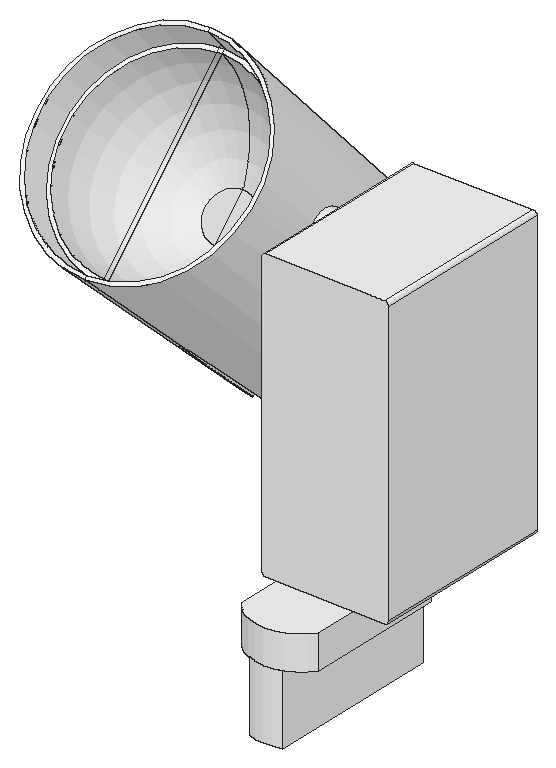
Revit family "0004933 Feilo Sylvania Lighting Fixture START TRACK SPOT S DALI 2141LM 940 MB WHT", category Lighting Fixtures, host Face, Revit 2017
Family settings
  Host = Face
  Round Connector Dimension = Use Diameter
  Part Type = Normal
  OmniClass Number = 23.80.70.00
  OmniClass Title = Lighting
  Cut with Voids When Loaded = No
  Light Source = No
  Shared = No
  Room Calculation Point = No
Parameters (values of type "0004933 START TRACK SPOT S DALI 2141LM 940 MB WHT")
  Weight = "0.966 kg"
  Wattage Comments = ""
  WarrantyStartDate [instance] = "n/a"
  WarrantyGuarantorParts = "n/a"
  WarrantyDurationUnit = "n/a"
  WarrantyDurationParts = "n/a"
  WarrantyDescription = "n/a"
  Voltage = 230 V
  URL = "http://www.sylvania-lighting.com/"
  TypeName = "START TRACK SPOT S DALI 2141LM 940 MB WHT"
  TypeHead_FEILO = Start Track Spot Head : 0004875 START TRACK SPOT S 24W 4K RA90 MB WHITE
  TypeBox_FEILO = Start Track Spot Box : Type Small White
  Type Image = <None>
  Type Comments = "n/a"
  VerticalRotation_FEILO [instance] = 0.00°
  SlideEndAngle_FEILO [instance] = VerticalRotation_FEILO + 180.00°  # 180.00°
  SerialNumber [instance] = "n/a"
  Material_3_FEILO = none
  PowerFactor = 0.95
  PowerConsumption = "24 W"
  NominalLength = 0 mm
  NominalHeight = 200 mm
  NominalDepth = 140 mm
  Name = "START TRACK SPOT S DALI 2141LM 940 MB WHT"
  ModelReference = Name  # "START TRACK SPOT S DALI 2141LM 940 MB WHT"
  ModelNumber = "0004933"
  Model = Name  # "START TRACK SPOT S DALI 2141LM 940 MB WHT"
  Material = "adc12 aluminium housing, polycarbonate diffuser"
  ManufacturerName = "Feilo Sylvania"
  Manufacturer = "Feilo Sylvania"
  LuminousEfficacy = "89 lm/W"
  LuminaireType = ""
  LightOutputRatio = "100"
  LampsType = Lamp  # "LED"
  LampNominalLuminous = "2141 lm"
  LampMacAdamStep = "3"
  LampColourTemperature = "4000 K"
  LampColourRenderingIndex = "90"
  Lamp = "LED"
  Keynote = "16500"
  InstallationDate [instance] = "n/a"
  InputVoltage = "230-240V~"
  InputNominalFrequency = "50/60 Hz"
  IngressProtection = "IP20"
  ImpactProtectionIndex = "IK02"
  IfcExportType = "IfcLightFixtureType"
  IfcExportAs = "IfcLightFixtureType"
  HorizontalRotation_FEILO [instance] = 45.00°
  ExpectedLife = 50000
  ElectricShockClassification = "Class II"
  DurationUnit = "hours"
  DocumentationLiterature = "http://www.sylvania-lighting.com/product/en-int/products/0004875"
  DimmingControlOptions = "Dimmable"
  Material_2_FEILO = none
  Description = "Integrated LED spotlight, Textured White - RAL9016, compact and minimalist design, ideal for retail applications, die-cast aluminium body, passive cooling heatsink. Beam angle: 36°, color temperature: 4000K , total system power: 24W, total fixture output: 2141 lm, LOR: 100%, colour rendering: Ra: 90 typical, LED Chromaticity: 3 step MacAdam ellipse, lifetime: >50000 hours at L70B50, energy class: A++, A+, A, IR/UV free light source without heat radiation, operating voltage: 220-240V / 50-60Hz, drive current: 600mA, electronic driver, non-dimmable, power factor: 0.95, electrical protection: Class II, Global Track 3 Phase adapter suitable for Global trac 3-circuit tracks, ingress protection rating: IP20, suitable for internal environment only, horizontal rotation: 355°, vertical tilt: 90°, dimensions: Ø86x140x200, weight: 0.966kg."
  Default Elevation = 1219.2 mm
  CreatedOn = "04/26/2018"
  CreatedBy = ""
  Cost = 0
  built-in parameter 1114216 [instance] = (empty or 0)
  ClassificationValue = "EF_70_80"
  ClassificationName = "Uniclass2015"
  Material_1_FEILO = Body-Sylvania-StartTrackSpot-White
  BarCode [instance] = "n/a"
  AssetType = "Fixed"
  AssetIdentifier [instance] = "n/a"
  Assembly Code = "D5020200"
  Apparent Load = 24 VA
  Material_4_FEILO = none
Reference planes
  plane 1 "Center (Front/Back)": y = 0
  plane 2: z = 0
  plane 3 "Center (Left/Right)": x = 0
  plane 4: x = 15
  plane 5: x = -15
  plane 6: y = 35
  plane 7: y = -35
  plane 8: z = 13
  plane 9: z = -27
  plane 10: x = 6.5
  plane 11: x = -6.5
  plane 12: y = 27
  plane 13: y = -27
  plane 14: y = 20
Forms (mm)
  Extrusion 1, solid, material "Body-Sylvania-StartTrackSpot-White" <- "Material_1_FEILO"
    sketch origin (0, 0, 0) x (1, 0, 0) y (0, 1, 0)
      loop
        line (-15, 27) -> (-15, -27)
        arc (-15, -27) -> (0, -35) -> (15, -27) r 18.062
        line (15, -27) -> (15, 27)
        arc (15, 27) -> (0, 35) -> (-15, 27) r 18.062
    from 0 to 13
  Extrusion 2, solid, material "Body-Sylvania-StartTrackSpot-White" <- "Material_1_FEILO"
    sketch origin (0, 0, 0) x (1, 0, 0) y (0, 1, 0)
      loop
        arc (6.5, 33.79) -> (0, 35) -> (-6.5, 33.79) r 18.062
        line (-6.5, 33.79) -> (-6.5, -33.79)
        arc (-6.5, -33.79) -> (0, -35) -> (6.5, -33.79) r 18.062
        line (6.5, -33.79) -> (6.5, 33.79)
    from 0 to -27
  Revolve 3, solid, not visible
    sketch origin (1524, 20, 1219.2) x (1, 0, 0) y (0, 0, 1)
      loop
        line (-1524, -1206.2) -> (-1524, -1191.285) -> (-1530.5, -1191.285) -> (-1530.5, -1206.2) -> (-1524, -1206.2)
      axis (-1524, -1191.285) -> (-1524, -1206.2)
    angle from 0 <- "VerticalRotation_FEILO" to 180 <- "SlideEndAngle_FEILO"
Cuts and joins
  joined: Extrusion 1, Extrusion 2
Dimensions and locks
  equal spacing: plane 10, plane 3 "Center (Left/Right)", plane 11
  equal spacing: plane 4, plane 3 "Center (Left/Right)", plane 5
  locked: plane 8 to plane 2 at 13
  locked: plane 8 to plane 9 at 40
  equal spacing: plane 13, plane 1 "Center (Front/Back)", plane 12
  locked: plane 12 to plane 6 at 8
  locked: plane 14 to plane 6 at 15
  locked: Revolve 3 sketch curve to plane 8 at 14.915
  aligned and locked: plane 2 to host face
  aligned and locked: level to host face
  aligned and locked: plane 5 to Extrusion 1 sketch curve  (x2)
  aligned and locked: plane 12 to Extrusion 1 sketch curve
  aligned and locked: plane 13 to Extrusion 1 sketch curve
  aligned and locked: plane 4 to Extrusion 1 sketch curve
  aligned and locked: Extrusion 1 to plane 8
  aligned and locked: Extrusion 1 to level
  aligned and locked: Extrusion 2 sketch curve to Extrusion 1  (x2)
  aligned and locked: Extrusion 2 sketch curve to plane 11
  aligned and locked: plane 10 to Extrusion 2 sketch curve
  aligned and locked: plane 9 to Extrusion 2
  aligned and locked: level to Extrusion 2
  aligned and locked: Revolve 3 sketch curve to plane 3 "Center (Left/Right)"  (x2)
  aligned and locked: plane 11 to Revolve 3 sketch curve
  aligned and locked: Revolve 3 sketch curve to plane 8
Automatic sketch dimensions
  host sketch curve to host sketch curve = 2438.4 mm  (x2)
  Extrusion 1 sketch curve to plane 3 "Center (Left/Right)" = 0 mm  (x2)
  Extrusion 1 sketch curve to plane 13 = 10.062 mm
  plane 12 to Extrusion 1 sketch curve = 10.062 mm
  Revolve 3 sketch curve to plane 3 "Center (Left/Right)" = 0 mm
  plane 9 to Revolve 3 sketch curve = 582.6 mm
  Revolve 3 sketch curve to Revolve 3 sketch curve = 2581.144 mm
Nested families
  nested 1: "Start Track Spot Head" at (-62, 20, 112.529) x (0, 0.7071, 0.7071) z (0, 0.7071, -0.7071), type <- "TypeHead_FEILO", type "0004875 START TRACK SPOT S 24W 4K RA90 MB WHITE"
    with built-in parameter 1114216 (empty or 0)
  nested 2: "Start Track Spot Box" at (8.5, 20, 73) x (-1, 0, 0) z (0, -1, 0), BoxStartAngle_FEILO <- "HorizontalRotation_FEILO", type <- "TypeBox_FEILO", type "Type Small White"
    with BoxStartAngle_FEILO 45.00°, BoxEndAngle_FEILO -135.00°
Connectors
  electrical at (0, 0, 0), driven by "Apparent Load", driven by "PowerFactor", driven by "Voltage"
    settings: index 1, voltage 230 V, apparent load 24 VA, apparent load phase1 0 VA, apparent load phase2 0 VA, apparent load phase3 0 VA, power factor 0.95, load classification "Lighting", number of poles 1, system type 30, power factor state 1, is connector primary yes, connector utility no, sub classification motor no, connector description ""
Definition of nested family "Start Track Spot Head"
  Parameters (values of type "0004811 START TRACK SPOT S 14W 3K RA80 NB WHITE")
    Wattage Comments = "n/a"
    Wattage = 14 W
    built-in parameter 1150110 = 1 (stored number, unit not read)
    URL = "http://www.feilosylvania.com"
    Type Image = (empty or 0)
    Type Comments = "n/a"
    built-in parameter 1114217 = 1 (stored number, unit not read)
    Tilt Angle = -90.00°
    built-in parameter 1150109 = 1 (stored number, unit not read)
    built-in parameter 1150134 = (empty or 0)
    built-in parameter 1150113 = 1 (stored number, unit not read)
    Photometric Web File = "0004811.ies"
    Material_3_FEILO = none
    Model = "START TRACK SPOT S 14W 3K RA80 NB WHITE"
    Manufacturer = "Feilo Sylvania"
    built-in parameter 1150105 = 123.66 (stored number, unit not read)
    Lumens = 1554 lm
    built-in parameter 1150115 = 1 (stored number, unit not read)
    built-in parameter 1150137 = (empty or 0)
    built-in parameter 1150139 = (empty or 0)
    built-in parameter 1150112 = 1 (stored number, unit not read)
    built-in parameter 1150114 = 1 (stored number, unit not read)
    Lamp = "LED"
    Keynote = "16500"
    Material_2_FEILO = none
    built-in parameter 1150132 = (empty or 0)
    built-in parameter 1150102 = (empty or 0)
    built-in parameter 1150107 = 3000 (stored number, unit not read)
    built-in parameter 1150138 = (empty or 0)
    built-in parameter 1150106 = 1.2366 (stored number, unit not read)
    HeadThickness_FEILO = if(HeadDiaOut_FEILO > 112 mm, 2 mm, 1.5 mm)  # 1.5 mm
    HeadRibOffset_FEILO = HeadHeight_FEILO / 28  # 4.179 mm
    HeadRibDepth_FEILO = HeadHeight_FEILO / 2.1  # 55.714 mm
    HeadRibCutWidth_FEILO = HeadDiaOut_FEILO / 12  # 7.167 mm
    HeadRibCutOffset_FEILO = HeadHeight_FEILO / 2.3  # 50.87 mm
    HeadReflectorRadius_FEILO = HeadDiaOut_FEILO / 1.7  # 50.588 mm
    HeadReflectorOffset_FEILO = HeadHeight_FEILO / 2.1  # 55.714 mm
    HeadLEDRadius_FEILO = HeadDiaOut_FEILO / 9  # 9.556 mm
    HeadHeight_FEILO = 117 mm
    HeadDraft_FEILO = 1 mm
    HeadDiffusorThickness_FEILO = 3 mm
    HeadDiffusorOffset_FEILO = HeadHeight_FEILO / 12.4  # 9.435 mm
    HeadDiaOut_FEILO = 86 mm
    HeadDiaIn_FEILO = HeadDiaOut_FEILO / 1.11  # 77.477 mm
    HeadAxisFromTop_FEILO = HeadHeight_FEILO / 1.687  # 69.354 mm
    Emit from Circle Diameter = HeadDiaIn_FEILO  # 77.477 mm
    Emit Shape Visible in Rendering = no
    built-in parameter 1150104 = 10.312 (stored number, unit not read)
    Dimming Lamp Color Temperature Shift = (empty or 0)
    Description = "Integrated LED spotlight, Textured White - RAL9016, compact and minimalist design, ideal for retail applications, die-cast aluminium body, passive cooling heatsink. Beam angle: 12°, color temperature: 3000K , total system power: 14W, total fixture output: 1551 lm, LOR: 100%, colour rendering: Ra: 80 typical, LED Chromaticity: 3 step MacAdam ellipse, lifetime: >50000 hours at L70B50, energy class: A++, A+, A, IR/UV free light source without heat radiation, operating voltage: 220-240V / 50-60Hz, drive current: 350mA, electronic driver, non-dimmable, power factor: 0.92, electrical protection: Class II, Global Track 3 Phase adapter suitable for Global trac 3-circuit tracks, ingress protection rating: IP20, suitable for internal environment only, horizontal rotation: 355°, vertical tilt: 90°, dimensions: Ø86x140x200, weight: 0.940kg."
    Default Elevation = 1219.2 mm
    Cost = 0
    Color Filter = 16777215
    built-in parameter 1114216 [instance] = (empty or 0)
    Material_1_FEILO = none
    built-in parameter 1114218 = 1 (stored number, unit not read)
    built-in parameter 1150133 = 10 (stored number, unit not read)
    Assembly Code = "D5020200"
    Apparent Load = 14 VA
    Material_4_FEILO = none
  Types (96, lengths in mm): name | Wattage | built-in parameter 1150134 | Photometric Web File | Model | built-in parameter 1150105 | Lumens | built-in parameter 1150107 | built-in parameter 1150106 | HeadThickness_FEILO | HeadRibOffset_FEILO | HeadRibDepth_FEILO | HeadRibCutWidth_FEILO | HeadRibCutOffset_FEILO | HeadReflectorRadius_FEILO | HeadReflectorOffset_FEILO | HeadLEDRadius_FEILO | HeadHeight_FEILO | HeadDiffusorOffset_FEILO | HeadDiaOut_FEILO | HeadDiaIn_FEILO | HeadAxisFromTop_FEILO | Emit from Circle Diameter | built-in parameter 1150104 | Description | Apparent Load
    0004906 START TRACK SPOT L 55W 4K RA90 WB BLACK | 55 W | 12 | "0004906.ies" | "START TRACK SPOT L 55W 4K RA90 WB BLACK" | 385.15 (stored number, unit not read) | 4840 lm | 4000 (stored number, unit not read) | 3.8515 (stored number, unit not read) | 2 | 4.429 | 59.048 | 9.417 | 53.913 | 66.471 | 59.048 | 12.556 | 124 | 10 | 113 | 101.802 | 73.503 | 101.802 | 8.1755 (stored number, unit not read) | "Integrated LED spotlight, Textured Black - RAL9005, compact and minimalist design, ideal for retail applications, die-cast aluminium body, passive cooling heatsink. Beam angle: 52°, color temperature: 4000K , total system power: 55W, total fixture output: 4824 lm, LOR: 100%, colour rendering: Ra: 90 typical, LED Chromaticity: 3 step MacAdam ellipse, lifetime: >50000 hours at L70B50, energy class: A++, A+, A, IR/UV free light source without heat radiation, operating voltage: 220-240V / 50-60Hz, drive current: 1400mA, electronic driver, non-dimmable, power factor: 0.96, electrical protection: Class II, Global Track 3 Phase adapter suitable for Global trac 3-circuit tracks, ingress protection rating: IP20, suitable for internal environment only, horizontal rotation: 355°, vertical tilt: 90°, dimensions: Ø113x164x240, weight: 1.398kg." | 55 VA
    0004905 START TRACK SPOT L 55W 4K RA90 MB BLACK | 55 W | 12 | "0004905.ies" | "START TRACK SPOT L 55W 4K RA90 MB BLACK" | 389.53 (stored number, unit not read) | 4895 lm | 4000 (stored number, unit not read) | 3.8953 (stored number, unit not read) | 2 | 4.429 | 59.048 | 9.417 | 53.913 | 66.471 | 59.048 | 12.556 | 124 | 10 | 113 | 101.802 | 73.503 | 101.802 | 8.2684 (stored number, unit not read) | "Integrated LED spotlight, Textured Black - RAL9005, compact and minimalist design, ideal for retail applications, die-cast aluminium body, passive cooling heatsink. Beam angle: 38°, color temperature: 4000K , total system power: 55W, total fixture output: 4897 lm, LOR: 100%, colour rendering: Ra: 90 typical, LED Chromaticity: 3 step MacAdam ellipse, lifetime: >50000 hours at L70B50, energy class: A++, A+, A, IR/UV free light source without heat radiation, operating voltage: 220-240V / 50-60Hz, drive current: 1400mA, electronic driver, non-dimmable, power factor: 0.96, electrical protection: Class II, Global Track 3 Phase adapter suitable for Global trac 3-circuit tracks, ingress protection rating: IP20, suitable for internal environment only, horizontal rotation: 355°, vertical tilt: 90°, dimensions: Ø113x164x240, weight: 1.398kg." | 55 VA
    0004904 START TRACK SPOT L 55W 4K RA90 NB BLACK | 55 W | 12 | "0004904.ies" | "START TRACK SPOT L 55W 4K RA90 NB BLACK" | 393.91 (stored number, unit not read) | 4950 lm | 4000 (stored number, unit not read) | 3.9391 (stored number, unit not read) | 2 | 4.429 | 59.048 | 9.417 | 53.913 | 66.471 | 59.048 | 12.556 | 124 | 10 | 113 | 101.802 | 73.503 | 101.802 | 8.3613 (stored number, unit not read) | "Integrated LED spotlight, Textured Black - RAL9005, compact and minimalist design, ideal for retail applications, die-cast aluminium body, passive cooling heatsink. Beam angle: 15°, color temperature: 4000K , total system power: 55W, total fixture output: 4965 lm, LOR: 100%, colour rendering: Ra: 90 typical, LED Chromaticity: 3 step MacAdam ellipse, lifetime: >50000 hours at L70B50, energy class: A++, A+, A, IR/UV free light source without heat radiation, operating voltage: 220-240V / 50-60Hz, drive current: 1400mA, electronic driver, non-dimmable, power factor: 0.96, electrical protection: Class II, Global Track 3 Phase adapter suitable for Global trac 3-circuit tracks, ingress protection rating: IP20, suitable for internal environment only, horizontal rotation: 355°, vertical tilt: 90°, dimensions: Ø113x164x240, weight: 1.398kg." | 55 VA
    0004903 START TRACK SPOT L 35W 4K RA90 WB BLACK | 35 W | 12 | "0004903.ies" | "START TRACK SPOT L 35W 4K RA90 WB BLACK" | 284.09 (stored number, unit not read) | 3570 lm | 4000 (stored number, unit not read) | 2.8409 (stored number, unit not read) | 2 | 4.429 | 59.048 | 9.417 | 53.913 | 66.471 | 59.048 | 12.556 | 124 | 10 | 113 | 101.802 | 73.503 | 101.802 | 9.4761 (stored number, unit not read) | "Integrated LED spotlight, Textured Black - RAL9005, compact and minimalist design, ideal for retail applications, die-cast aluminium body, passive cooling heatsink. Beam angle: 52°, color temperature: 4000K , total system power: 35W, total fixture output: 3562 lm, LOR: 100%, colour rendering: Ra: 90 typical, LED Chromaticity: 3 step MacAdam ellipse, lifetime: >50000 hours at L70B50, energy class: A++, A+, A, IR/UV free light source without heat radiation, operating voltage: 220-240V / 50-60Hz, drive current: 900mA, electronic driver, non-dimmable, power factor: 0.93, electrical protection: Class II, Global Track 3 Phase adapter suitable for Global trac 3-circuit tracks, ingress protection rating: IP20, suitable for internal environment only, horizontal rotation: 355°, vertical tilt: 90°, dimensions: Ø113x164x240, weight: 1.368kg." | 35 VA
    0004902 START TRACK SPOT L 35W 4K RA90 MB BLACK | 35 W | 12 | "0004902.ies" | "START TRACK SPOT L 35W 4K RA90 MB BLACK" | 286.88 (stored number, unit not read) | 3605 lm | 4000 (stored number, unit not read) | 2.8688 (stored number, unit not read) | 2 | 4.429 | 59.048 | 9.417 | 53.913 | 66.471 | 59.048 | 12.556 | 124 | 10 | 113 | 101.802 | 73.503 | 101.802 | 9.569 (stored number, unit not read) | "Integrated LED spotlight, Textured Black - RAL9005, compact and minimalist design, ideal for retail applications, die-cast aluminium body, passive cooling heatsink. Beam angle: 38°, color temperature: 4000K , total system power: 35W, total fixture output: 3616 lm, LOR: 100%, colour rendering: Ra: 90 typical, LED Chromaticity: 3 step MacAdam ellipse, lifetime: >50000 hours at L70B50, energy class: A++, A+, A, IR/UV free light source without heat radiation, operating voltage: 220-240V / 50-60Hz, drive current: 900mA, electronic driver, non-dimmable, power factor: 0.93, electrical protection: Class II, Global Track 3 Phase adapter suitable for Global trac 3-circuit tracks, ingress protection rating: IP20, suitable for internal environment only, horizontal rotation: 355°, vertical tilt: 90°, dimensions: Ø113x164x240, weight: 1.368kg." | 35 VA
    0004901 START TRACK SPOT L 35W 4K RA90 NB BLACK | 35 W | 12 | "0004901.ies" | "START TRACK SPOT L 35W 4K RA90 NB BLACK" | 286.88 (stored number, unit not read) | 3605 lm | 4000 (stored number, unit not read) | 2.8688 (stored number, unit not read) | 2 | 4.429 | 59.048 | 9.417 | 53.913 | 66.471 | 59.048 | 12.556 | 124 | 10 | 113 | 101.802 | 73.503 | 101.802 | 9.569 (stored number, unit not read) | "Integrated LED spotlight, Textured Black - RAL9005, compact and minimalist design, ideal for retail applications, die-cast aluminium body, passive cooling heatsink. Beam angle: 15°, color temperature: 4000K , total system power: 35W, total fixture output: 3593 lm, LOR: 100%, colour rendering: Ra: 90 typical, LED Chromaticity: 3 step MacAdam ellipse, lifetime: >50000 hours at L70B50, energy class: A++, A+, A, IR/UV free light source without heat radiation, operating voltage: 220-240V / 50-60Hz, drive current: 900mA, electronic driver, non-dimmable, power factor: 0.93, electrical protection: Class II, Global Track 3 Phase adapter suitable for Global trac 3-circuit tracks, ingress protection rating: IP20, suitable for internal environment only, horizontal rotation: 355°, vertical tilt: 90°, dimensions: Ø113x164x240, weight: 1.368kg." | 35 VA
    0004900 START TRACK SPOT S 24W 4K RA90 WB BLACK | 24 W | 12 | "0004900.ies" | "START TRACK SPOT S 24W 4K RA90 WB BLACK" | 166.16 (stored number, unit not read) | 2088 lm | 4000 (stored number, unit not read) | 1.6616 (stored number, unit not read) | 1.5 | 4.179 | 55.714 | 7.167 | 50.87 | 50.588 | 55.714 | 9.556 | 117 | 9.435 | 86 | 77.477 | 69.354 | 77.477 | 8.0826 (stored number, unit not read) | "Integrated LED spotlight, Textured Black - RAL9005, compact and minimalist design, ideal for retail applications, die-cast aluminium body, passive cooling heatsink. Beam angle: 64°, color temperature: 4000K , total system power: 24W, total fixture output: 2087 lm, LOR: 100%, colour rendering: Ra: 90 typical, LED Chromaticity: 3 step MacAdam ellipse, lifetime: >50000 hours at L70B50, energy class: A++, A+, A, IR/UV free light source without heat radiation, operating voltage: 220-240V / 50-60Hz, drive current: 600mA, electronic driver, non-dimmable, power factor: 0.95, electrical protection: Class II, Global Track 3 Phase adapter suitable for Global trac 3-circuit tracks, ingress protection rating: IP20, suitable for internal environment only, horizontal rotation: 355°, vertical tilt: 90°, dimensions: Ø86x140x200, weight: 0.966kg." | 24 VA
    0004899 START TRACK SPOT S 24W 4K RA90 MB BLACK | 24 W | 12 | "0004899.ies" | "START TRACK SPOT S 24W 4K RA90 MB BLACK" | 169.98 (stored number, unit not read) | 2136 lm | 4000 (stored number, unit not read) | 1.6998 (stored number, unit not read) | 1.5 | 4.179 | 55.714 | 7.167 | 50.87 | 50.588 | 55.714 | 9.556 | 117 | 9.435 | 86 | 77.477 | 69.354 | 77.477 | 8.2684 (stored number, unit not read) | "Integrated LED spotlight, Textured Black - RAL9005, compact and minimalist design, ideal for retail applications, die-cast aluminium body, passive cooling heatsink. Beam angle: 36°, color temperature: 4000K , total system power: 24W, total fixture output: 2141 lm, LOR: 100%, colour rendering: Ra: 90 typical, LED Chromaticity: 3 step MacAdam ellipse, lifetime: >50000 hours at L70B50, energy class: A++, A+, A, IR/UV free light source without heat radiation, operating voltage: 220-240V / 50-60Hz, drive current: 600mA, electronic driver, non-dimmable, power factor: 0.95, electrical protection: Class II, Global Track 3 Phase adapter suitable for Global trac 3-circuit tracks, ingress protection rating: IP20, suitable for internal environment only, horizontal rotation: 355°, vertical tilt: 90°, dimensions: Ø86x140x200, weight: 0.966kg." | 24 VA
    0004898 START TRACK SPOT S 24W 4K RA90 NB BLACK | 24 W | 12 | "0004898.ies" | "START TRACK SPOT S 24W 4K RA90 NB BLACK" | 171.89 (stored number, unit not read) | 2160 lm | 4000 (stored number, unit not read) | 1.7189 (stored number, unit not read) | 1.5 | 4.179 | 55.714 | 7.167 | 50.87 | 50.588 | 55.714 | 9.556 | 117 | 9.435 | 86 | 77.477 | 69.354 | 77.477 | 8.3613 (stored number, unit not read) | "Integrated LED spotlight, Textured Black - RAL9005, compact and minimalist design, ideal for retail applications, die-cast aluminium body, passive cooling heatsink. Beam angle: 12°, color temperature: 4000K , total system power: 24W, total fixture output: 2155 lm, LOR: 100%, colour rendering: Ra: 90 typical, LED Chromaticity: 3 step MacAdam ellipse, lifetime: >50000 hours at L70B50, energy class: A++, A+, A, IR/UV free light source without heat radiation, operating voltage: 220-240V / 50-60Hz, drive current: 600mA, electronic driver, non-dimmable, power factor: 0.95, electrical protection: Class II, Global Track 3 Phase adapter suitable for Global trac 3-circuit tracks, ingress protection rating: IP20, suitable for internal environment only, horizontal rotation: 355°, vertical tilt: 90°, dimensions: Ø86x140x200, weight: 0.966kg." | 24 VA
    0004897 START TRACK SPOT S 14W 4K RA90 WB BLACK | 14 W | 12 | "0004897.ies" | "START TRACK SPOT S 14W 4K RA90 WB BLACK" | 108.07 (stored number, unit not read) | 1358 lm | 4000 (stored number, unit not read) | 1.0807 (stored number, unit not read) | 1.5 | 4.179 | 55.714 | 7.167 | 50.87 | 50.588 | 55.714 | 9.556 | 117 | 9.435 | 86 | 77.477 | 69.354 | 77.477 | 9.0116 (stored number, unit not read) | "Integrated LED spotlight, Textured Black - RAL9005, compact and minimalist design, ideal for retail applications, die-cast aluminium body, passive cooling heatsink. Beam angle: 64°, color temperature: 4000K , total system power: 14W, total fixture output: 1352 lm, LOR: 100%, colour rendering: Ra: 90 typical, LED Chromaticity: 3 step MacAdam ellipse, lifetime: >50000 hours at L70B50, energy class: A++, A+, A, IR/UV free light source without heat radiation, operating voltage: 220-240V / 50-60Hz, drive current: 350mA, electronic driver, non-dimmable, power factor: 0.92, electrical protection: Class II, Global Track 3 Phase adapter suitable for Global trac 3-circuit tracks, ingress protection rating: IP20, suitable for internal environment only, horizontal rotation: 355°, vertical tilt: 90°, dimensions: Ø86x140x200, weight: 0.940kg." | 14 VA
    0004896 START TRACK SPOT S 14W 4K RA90 MB BLACK | 14 W | 12 | "0004896.ies" | "START TRACK SPOT S 14W 4K RA90 MB BLACK" | 108.07 (stored number, unit not read) | 1358 lm | 4000 (stored number, unit not read) | 1.0807 (stored number, unit not read) | 1.5 | 4.179 | 55.714 | 7.167 | 50.87 | 50.588 | 55.714 | 9.556 | 117 | 9.435 | 86 | 77.477 | 69.354 | 77.477 | 9.0116 (stored number, unit not read) | "Integrated LED spotlight, Textured Black - RAL9005, compact and minimalist design, ideal for retail applications, die-cast aluminium body, passive cooling heatsink. Beam angle: 36°, color temperature: 4000K , total system power: 14W, total fixture output: 1359 lm, LOR: 100%, colour rendering: Ra: 90 typical, LED Chromaticity: 3 step MacAdam ellipse, lifetime: >50000 hours at L70B50, energy class: A++, A+, A, IR/UV free light source without heat radiation, operating voltage: 220-240V / 50-60Hz, drive current: 350mA, electronic driver, non-dimmable, power factor: 0.92, electrical protection: Class II, Global Track 3 Phase adapter suitable for Global trac 3-circuit tracks, ingress protection rating: IP20, suitable for internal environment only, horizontal rotation: 355°, vertical tilt: 90°, dimensions: Ø86x140x200, weight: 0.940kg." | 14 VA
    0004895 START TRACK SPOT S 14W 4K RA90 NB BLACK | 14 W | 12 | "0004895.ies" | "START TRACK SPOT S 14W 4K RA90 NB BLACK" | 106.95 (stored number, unit not read) | 1344 lm | 4000 (stored number, unit not read) | 1.0695 (stored number, unit not read) | 1.5 | 4.179 | 55.714 | 7.167 | 50.87 | 50.588 | 55.714 | 9.556 | 117 | 9.435 | 86 | 77.477 | 69.354 | 77.477 | 8.9187 (stored number, unit not read) | "Integrated LED spotlight, Textured Black - RAL9005, compact and minimalist design, ideal for retail applications, die-cast aluminium body, passive cooling heatsink. Beam angle: 12°, color temperature: 4000K , total system power: 14W, total fixture output: 1349 lm, LOR: 100%, colour rendering: Ra: 90 typical, LED Chromaticity: 3 step MacAdam ellipse, lifetime: >50000 hours at L70B50, energy class: A++, A+, A, IR/UV free light source without heat radiation, operating voltage: 220-240V / 50-60Hz, drive current: 350mA, electronic driver, non-dimmable, power factor: 0.92, electrical protection: Class II, Global Track 3 Phase adapter suitable for Global trac 3-circuit tracks, ingress protection rating: IP20, suitable for internal environment only, horizontal rotation: 355°, vertical tilt: 90°, dimensions: Ø86x140x200, weight: 0.940kg." | 14 VA
    0004894 START TRACK SPOT L 55W 3K RA90 WB BLACK | 55 W | (empty or 0) | "0004894.ies" | "START TRACK SPOT L 55W 3K RA90 WB BLACK" | 350.14 (stored number, unit not read) | 4400 lm | 3000 (stored number, unit not read) | 3.5014 (stored number, unit not read) | 2 | 4.429 | 59.048 | 9.417 | 53.913 | 66.471 | 59.048 | 12.556 | 124 | 10 | 113 | 101.802 | 73.503 | 101.802 | 7.4322 (stored number, unit not read) | "Integrated LED spotlight, Textured Black - RAL9005, compact and minimalist design, ideal for retail applications, die-cast aluminium body, passive cooling heatsink. Beam angle: 52°, color temperature: 3000K , total system power: 55W, total fixture output: 4405 lm, LOR: 100%, colour rendering: Ra: 90 typical, LED Chromaticity: 3 step MacAdam ellipse, lifetime: >50000 hours at L70B50, energy class: A++, A+, A, IR/UV free light source without heat radiation, operating voltage: 220-240V / 50-60Hz, drive current: 1400mA, electronic driver, non-dimmable, power factor: 0.96, electrical protection: Class II, Global Track 3 Phase adapter suitable for Global trac 3-circuit tracks, ingress protection rating: IP20, suitable for internal environment only, horizontal rotation: 355°, vertical tilt: 90°, dimensions: Ø113x164x240, weight: 1.398kg." | 55 VA
    0004893 START TRACK SPOT L 55W 3K RA90 MB BLACK | 55 W | (empty or 0) | "0004893.ies" | "START TRACK SPOT L 55W 3K RA90 MB BLACK" | 354.52 (stored number, unit not read) | 4455 lm | 3000 (stored number, unit not read) | 3.5452 (stored number, unit not read) | 2 | 4.429 | 59.048 | 9.417 | 53.913 | 66.471 | 59.048 | 12.556 | 124 | 10 | 113 | 101.802 | 73.503 | 101.802 | 7.5251 (stored number, unit not read) | "Integrated LED spotlight, Textured Black - RAL9005, compact and minimalist design, ideal for retail applications, die-cast aluminium body, passive cooling heatsink. Beam angle: 38°, color temperature: 3000K , total system power: 55W, total fixture output: 4448 lm, LOR: 100%, colour rendering: Ra: 90 typical, LED Chromaticity: 3 step MacAdam ellipse, lifetime: >50000 hours at L70B50, energy class: A++, A+, A, IR/UV free light source without heat radiation, operating voltage: 220-240V / 50-60Hz, drive current: 1400mA, electronic driver, non-dimmable, power factor: 0.96, electrical protection: Class II, Global Track 3 Phase adapter suitable for Global trac 3-circuit tracks, ingress protection rating: IP20, suitable for internal environment only, horizontal rotation: 355°, vertical tilt: 90°, dimensions: Ø113x164x240, weight: 1.398kg." | 55 VA
    0004892 START TRACK SPOT L 55W 3K RA90 NB BLACK | 55 W | (empty or 0) | "0004892.ies" | "START TRACK SPOT L 55W 3K RA90 NB BLACK" | 350.14 (stored number, unit not read) | 4400 lm | 3000 (stored number, unit not read) | 3.5014 (stored number, unit not read) | 2 | 4.429 | 59.048 | 9.417 | 53.913 | 66.471 | 59.048 | 12.556 | 124 | 10 | 113 | 101.802 | 73.503 | 101.802 | 7.4322 (stored number, unit not read) | "Integrated LED spotlight, Textured Black - RAL9005, compact and minimalist design, ideal for retail applications, die-cast aluminium body, passive cooling heatsink. Beam angle: 15°, color temperature: 3000K , total system power: 55W, total fixture output: 4416 lm, LOR: 100%, colour rendering: Ra: 90 typical, LED Chromaticity: 3 step MacAdam ellipse, lifetime: >50000 hours at L70B50, energy class: A++, A+, A, IR/UV free light source without heat radiation, operating voltage: 220-240V / 50-60Hz, drive current: 1400mA, electronic driver, non-dimmable, power factor: 0.96, electrical protection: Class II, Global Track 3 Phase adapter suitable for Global trac 3-circuit tracks, ingress protection rating: IP20, suitable for internal environment only, horizontal rotation: 355°, vertical tilt: 90°, dimensions: Ø113x164x240, weight: 1.398kg." | 55 VA
    0004891 START TRACK SPOT L 35W 3K RA90 WB BLACK | 35 W | (empty or 0) | "0004891.ies" | "START TRACK SPOT L 35W 3K RA90 WB BLACK" | 259.02 (stored number, unit not read) | 3255 lm | 3000 (stored number, unit not read) | 2.5902 (stored number, unit not read) | 2 | 4.429 | 59.048 | 9.417 | 53.913 | 66.471 | 59.048 | 12.556 | 124 | 10 | 113 | 101.802 | 73.503 | 101.802 | 8.64 (stored number, unit not read) | "Integrated LED spotlight, Textured Black - RAL9005, compact and minimalist design, ideal for retail applications, die-cast aluminium body, passive cooling heatsink. Beam angle: 52°, color temperature: 3000K , total system power: 35W, total fixture output: 3260 lm, LOR: 100%, colour rendering: Ra: 90 typical, LED Chromaticity: 3 step MacAdam ellipse, lifetime: >50000 hours at L70B50, energy class: A++, A+, A, IR/UV free light source without heat radiation, operating voltage: 220-240V / 50-60Hz, drive current: 900mA, electronic driver, non-dimmable, power factor: 0.93, electrical protection: Class II, Global Track 3 Phase adapter suitable for Global trac 3-circuit tracks, ingress protection rating: IP20, suitable for internal environment only, horizontal rotation: 355°, vertical tilt: 90°, dimensions: Ø113x164x240, weight: 1.368kg." | 35 VA
    0004890 START TRACK SPOT L 35W 3K RA90 MB BLACK | 35 W | (empty or 0) | "0004890.ies" | "START TRACK SPOT L 35W 3K RA90 MB BLACK" | 261.81 (stored number, unit not read) | 3290 lm | 3000 (stored number, unit not read) | 2.6181 (stored number, unit not read) | 2 | 4.429 | 59.048 | 9.417 | 53.913 | 66.471 | 59.048 | 12.556 | 124 | 10 | 113 | 101.802 | 73.503 | 101.802 | 8.7329 (stored number, unit not read) | "Integrated LED spotlight, Textured Black - RAL9005, compact and minimalist design, ideal for retail applications, die-cast aluminium body, passive cooling heatsink. Beam angle: 38°, color temperature: 3000K , total system power: 35W, total fixture output: 3306 lm, LOR: 100%, colour rendering: Ra: 90 typical, LED Chromaticity: 3 step MacAdam ellipse, lifetime: >50000 hours at L70B50, energy class: A++, A+, A, IR/UV free light source without heat radiation, operating voltage: 220-240V / 50-60Hz, drive current: 900mA, electronic driver, non-dimmable, power factor: 0.93, electrical protection: Class II, Global Track 3 Phase adapter suitable for Global trac 3-circuit tracks, ingress protection rating: IP20, suitable for internal environment only, horizontal rotation: 355°, vertical tilt: 90°, dimensions: Ø113x164x240, weight: 1.368kg." | 35 VA
    0004889 START TRACK SPOT L 35W 3K RA90 NB BLACK | 35 W | (empty or 0) | "0004889.ies" | "START TRACK SPOT L 35W 3K RA90 NB BLACK" | 261.81 (stored number, unit not read) | 3290 lm | 3000 (stored number, unit not read) | 2.6181 (stored number, unit not read) | 2 | 4.429 | 59.048 | 9.417 | 53.913 | 66.471 | 59.048 | 12.556 | 124 | 10 | 113 | 101.802 | 73.503 | 101.802 | 8.7329 (stored number, unit not read) | "Integrated LED spotlight, Textured Black - RAL9005, compact and minimalist design, ideal for retail applications, die-cast aluminium body, passive cooling heatsink. Beam angle: 15°, color temperature: 3000K , total system power: 35W, total fixture output: 3287 lm, LOR: 100%, colour rendering: Ra: 90 typical, LED Chromaticity: 3 step MacAdam ellipse, lifetime: >50000 hours at L70B50, energy class: A++, A+, A, IR/UV free light source without heat radiation, operating voltage: 220-240V / 50-60Hz, drive current: 900mA, electronic driver, non-dimmable, power factor: 0.93, electrical protection: Class II, Global Track 3 Phase adapter suitable for Global trac 3-circuit tracks, ingress protection rating: IP20, suitable for internal environment only, horizontal rotation: 355°, vertical tilt: 90°, dimensions: Ø113x164x240, weight: 1.368kg." | 35 VA
    0004888 START TRACK SPOT S 24W 3K RA90 WB BLACK | 24 W | (empty or 0) | "0004888.ies" | "START TRACK SPOT S 24W 3K RA90 WB BLACK" | 152.79 (stored number, unit not read) | 1920 lm | 3000 (stored number, unit not read) | 1.5279 (stored number, unit not read) | 1.5 | 4.179 | 55.714 | 7.167 | 50.87 | 50.588 | 55.714 | 9.556 | 117 | 9.435 | 86 | 77.477 | 69.354 | 77.477 | 7.4322 (stored number, unit not read) | "Integrated LED spotlight, Textured Black - RAL9005, compact and minimalist design, ideal for retail applications, die-cast aluminium body, passive cooling heatsink. Beam angle: 64°, color temperature: 3000K , total system power: 24W, total fixture output: 1928 lm, LOR: 100%, colour rendering: Ra: 90 typical, LED Chromaticity: 3 step MacAdam ellipse, lifetime: >50000 hours at L70B50, energy class: A++, A+, A, IR/UV free light source without heat radiation, operating voltage: 220-240V / 50-60Hz, drive current: 600mA, electronic driver, non-dimmable, power factor: 0.95, electrical protection: Class II, Global Track 3 Phase adapter suitable for Global trac 3-circuit tracks, ingress protection rating: IP20, suitable for internal environment only, horizontal rotation: 355°, vertical tilt: 90°, dimensions: Ø86x140x200, weight: 0.966kg." | 24 VA
    0004887 START TRACK SPOT S 24W 3K RA90 MB BLACK | 24 W | (empty or 0) | "0004887.ies" | "START TRACK SPOT S 24W 3K RA90 MB BLACK" | 154.7 (stored number, unit not read) | 1944 lm | 3000 (stored number, unit not read) | 1.547 (stored number, unit not read) | 1.5 | 4.179 | 55.714 | 7.167 | 50.87 | 50.588 | 55.714 | 9.556 | 117 | 9.435 | 86 | 77.477 | 69.354 | 77.477 | 7.5251 (stored number, unit not read) | "Integrated LED spotlight, Textured Black - RAL9005, compact and minimalist design, ideal for retail applications, die-cast aluminium body, passive cooling heatsink. Beam angle: 36°, color temperature: 3000K , total system power: 24W, total fixture output: 1944 lm, LOR: 100%, colour rendering: Ra: 90 typical, LED Chromaticity: 3 step MacAdam ellipse, lifetime: >50000 hours at L70B50, energy class: A++, A+, A, IR/UV free light source without heat radiation, operating voltage: 220-240V / 50-60Hz, drive current: 600mA, electronic driver, non-dimmable, power factor: 0.95, electrical protection: Class II, Global Track 3 Phase adapter suitable for Global trac 3-circuit tracks, ingress protection rating: IP20, suitable for internal environment only, horizontal rotation: 355°, vertical tilt: 90°, dimensions: Ø86x140x200, weight: 0.966kg." | 24 VA
    0004886 START TRACK SPOT S 24W 3K RA90 NB BLACK | 24 W | (empty or 0) | "0004886.ies" | "START TRACK SPOT S 24W 3K RA90 NB BLACK" | 158.52 (stored number, unit not read) | 1992 lm | 3000 (stored number, unit not read) | 1.5852 (stored number, unit not read) | 1.5 | 4.179 | 55.714 | 7.167 | 50.87 | 50.588 | 55.714 | 9.556 | 117 | 9.435 | 86 | 77.477 | 69.354 | 77.477 | 7.711 (stored number, unit not read) | "Integrated LED spotlight, Textured Black - RAL9005, compact and minimalist design, ideal for retail applications, die-cast aluminium body, passive cooling heatsink. Beam angle: 12°, color temperature: 3000K , total system power: 24W, total fixture output: 1987 lm, LOR: 100%, colour rendering: Ra: 90 typical, LED Chromaticity: 3 step MacAdam ellipse, lifetime: >50000 hours at L70B50, energy class: A++, A+, A, IR/UV free light source without heat radiation, operating voltage: 220-240V / 50-60Hz, drive current: 600mA, electronic driver, non-dimmable, power factor: 0.95, electrical protection: Class II, Global Track 3 Phase adapter suitable for Global trac 3-circuit tracks, ingress protection rating: IP20, suitable for internal environment only, horizontal rotation: 355°, vertical tilt: 90°, dimensions: Ø86x140x200, weight: 0.966kg." | 24 VA
    0004885 START TRACK SPOT S 14W 3K RA90 WB BLACK | 14 W | (empty or 0) | "0004885.ies" | "START TRACK SPOT S 14W 3K RA90 WB BLACK" | 100.27 (stored number, unit not read) | 1260 lm | 3000 (stored number, unit not read) | 1.0027 (stored number, unit not read) | 1.5 | 4.179 | 55.714 | 7.167 | 50.87 | 50.588 | 55.714 | 9.556 | 117 | 9.435 | 86 | 77.477 | 69.354 | 77.477 | 8.3613 (stored number, unit not read) | "Integrated LED spotlight, Textured Black - RAL9005, compact and minimalist design, ideal for retail applications, die-cast aluminium body, passive cooling heatsink. Beam angle: 64°, color temperature: 3000K , total system power: 14W, total fixture output: 1262 lm, LOR: 100%, colour rendering: Ra: 90 typical, LED Chromaticity: 3 step MacAdam ellipse, lifetime: >50000 hours at L70B50, energy class: A++, A+, A, IR/UV free light source without heat radiation, operating voltage: 220-240V / 50-60Hz, drive current: 350mA, electronic driver, non-dimmable, power factor: 0.92, electrical protection: Class II, Global Track 3 Phase adapter suitable for Global trac 3-circuit tracks, ingress protection rating: IP20, suitable for internal environment only, horizontal rotation: 355°, vertical tilt: 90°, dimensions: Ø86x140x200, weight: 0.940kg." | 14 VA
    0004884 START TRACK SPOT S 14W 3K RA90 MB BLACK | 14 W | (empty or 0) | "0004884.ies" | "START TRACK SPOT S 14W 3K RA90 MB BLACK" | 100.27 (stored number, unit not read) | 1260 lm | 3000 (stored number, unit not read) | 1.0027 (stored number, unit not read) | 1.5 | 4.179 | 55.714 | 7.167 | 50.87 | 50.588 | 55.714 | 9.556 | 117 | 9.435 | 86 | 77.477 | 69.354 | 77.477 | 8.3613 (stored number, unit not read) | "Integrated LED spotlight, Textured Black - RAL9005, compact and minimalist design, ideal for retail applications, die-cast aluminium body, passive cooling heatsink. Beam angle: 36°, color temperature: 3000K , total system power: 14W, total fixture output: 1262 lm, LOR: 100%, colour rendering: Ra: 90 typical, LED Chromaticity: 3 step MacAdam ellipse, lifetime: >50000 hours at L70B50, energy class: A++, A+, A, IR/UV free light source without heat radiation, operating voltage: 220-240V / 50-60Hz, drive current: 350mA, electronic driver, non-dimmable, power factor: 0.92, electrical protection: Class II, Global Track 3 Phase adapter suitable for Global trac 3-circuit tracks, ingress protection rating: IP20, suitable for internal environment only, horizontal rotation: 355°, vertical tilt: 90°, dimensions: Ø86x140x200, weight: 0.940kg." | 14 VA
    0004883 START TRACK SPOT S 14W 3K RA90 NB BLACK | 14 W | (empty or 0) | "0004883.ies" | "START TRACK SPOT S 14W 3K RA90 NB BLACK" | 102.5 (stored number, unit not read) | 1288 lm | 3000 (stored number, unit not read) | 1.025 (stored number, unit not read) | 1.5 | 4.179 | 55.714 | 7.167 | 50.87 | 50.588 | 55.714 | 9.556 | 117 | 9.435 | 86 | 77.477 | 69.354 | 77.477 | 8.5471 (stored number, unit not read) | "Integrated LED spotlight, Textured Black - RAL9005, compact and minimalist design, ideal for retail applications, die-cast aluminium body, passive cooling heatsink. Beam angle: 12°, color temperature: 3000K , total system power: 14W, total fixture output: 1284 lm, LOR: 100%, colour rendering: Ra: 90 typical, LED Chromaticity: 3 step MacAdam ellipse, lifetime: >50000 hours at L70B50, energy class: A++, A+, A, IR/UV free light source without heat radiation, operating voltage: 220-240V / 50-60Hz, drive current: 350mA, electronic driver, non-dimmable, power factor: 0.92, electrical protection: Class II, Global Track 3 Phase adapter suitable for Global trac 3-circuit tracks, ingress protection rating: IP20, suitable for internal environment only, horizontal rotation: 355°, vertical tilt: 90°, dimensions: Ø86x140x200, weight: 0.940kg." | 14 VA
    0004882 START TRACK SPOT L 55W 4K RA90 WB WHITE | 55 W | 12 | "0004882.ies" | "START TRACK SPOT L 55W 4K RA90 WB WHITE" | 385.15 (stored number, unit not read) | 4840 lm | 4000 (stored number, unit not read) | 3.8515 (stored number, unit not read) | 2 | 4.429 | 59.048 | 9.417 | 53.913 | 66.471 | 59.048 | 12.556 | 124 | 10 | 113 | 101.802 | 73.503 | 101.802 | 8.1755 (stored number, unit not read) | "Integrated LED spotlight, Textured White - RAL9016, compact and minimalist design, ideal for retail applications, die-cast aluminium body, passive cooling heatsink. Beam angle: 52°, color temperature: 4000K , total system power: 55W, total fixture output: 4824 lm, LOR: 100%, colour rendering: Ra: 90 typical, LED Chromaticity: 3 step MacAdam ellipse, lifetime: >50000 hours at L70B50, energy class: A++, A+, A, IR/UV free light source without heat radiation, operating voltage: 220-240V / 50-60Hz, drive current: 1400mA, electronic driver, non-dimmable, power factor: 0.96, electrical protection: Class II, Global Track 3 Phase adapter suitable for Global trac 3-circuit tracks, ingress protection rating: IP20, suitable for internal environment only, horizontal rotation: 355°, vertical tilt: 90°, dimensions: Ø113x164x240, weight: 1.398kg." | 55 VA
    0004881 START TRACK SPOT L 55W 4K RA90 MB WHITE | 55 W | 12 | "0004881.ies" | "START TRACK SPOT L 55W 4K RA90 MB WHITE" | 389.53 (stored number, unit not read) | 4895 lm | 4000 (stored number, unit not read) | 3.8953 (stored number, unit not read) | 2 | 4.429 | 59.048 | 9.417 | 53.913 | 66.471 | 59.048 | 12.556 | 124 | 10 | 113 | 101.802 | 73.503 | 101.802 | 8.2684 (stored number, unit not read) | "Integrated LED spotlight, Textured White - RAL9016, compact and minimalist design, ideal for retail applications, die-cast aluminium body, passive cooling heatsink. Beam angle: 38°, color temperature: 4000K , total system power: 55W, total fixture output: 4897 lm, LOR: 100%, colour rendering: Ra: 90 typical, LED Chromaticity: 3 step MacAdam ellipse, lifetime: >50000 hours at L70B50, energy class: A++, A+, A, IR/UV free light source without heat radiation, operating voltage: 220-240V / 50-60Hz, drive current: 1400mA, electronic driver, non-dimmable, power factor: 0.96, electrical protection: Class II, Global Track 3 Phase adapter suitable for Global trac 3-circuit tracks, ingress protection rating: IP20, suitable for internal environment only, horizontal rotation: 355°, vertical tilt: 90°, dimensions: Ø113x164x240, weight: 1.398kg." | 55 VA
    0004880 START TRACK SPOT L 55W 4K RA90 NB WHITE | 55 W | 12 | "0004880.ies" | "START TRACK SPOT L 55W 4K RA90 NB WHITE" | 393.91 (stored number, unit not read) | 4950 lm | 4000 (stored number, unit not read) | 3.9391 (stored number, unit not read) | 2 | 4.429 | 59.048 | 9.417 | 53.913 | 66.471 | 59.048 | 12.556 | 124 | 10 | 113 | 101.802 | 73.503 | 101.802 | 8.3613 (stored number, unit not read) | "Integrated LED spotlight, Textured White - RAL9016, compact and minimalist design, ideal for retail applications, die-cast aluminium body, passive cooling heatsink. Beam angle: 15°, color temperature: 4000K , total system power: 55W, total fixture output: 4965 lm, LOR: 100%, colour rendering: Ra: 90 typical, LED Chromaticity: 3 step MacAdam ellipse, lifetime: >50000 hours at L70B50, energy class: A++, A+, A, IR/UV free light source without heat radiation, operating voltage: 220-240V / 50-60Hz, drive current: 1400mA, electronic driver, non-dimmable, power factor: 0.96, electrical protection: Class II, Global Track 3 Phase adapter suitable for Global trac 3-circuit tracks, ingress protection rating: IP20, suitable for internal environment only, horizontal rotation: 355°, vertical tilt: 90°, dimensions: Ø113x164x240, weight: 1.398kg." | 55 VA
    0004879 START TRACK SPOT L 35W 4K RA90 WB WHITE | 35 W | 12 | "0004879.ies" | "START TRACK SPOT L 35W 4K RA90 WB WHITE" | 284.09 (stored number, unit not read) | 3570 lm | 4000 (stored number, unit not read) | 2.8409 (stored number, unit not read) | 2 | 4.429 | 59.048 | 9.417 | 53.913 | 66.471 | 59.048 | 12.556 | 124 | 10 | 113 | 101.802 | 73.503 | 101.802 | 9.4761 (stored number, unit not read) | "Integrated LED spotlight, Textured White - RAL9016, compact and minimalist design, ideal for retail applications, die-cast aluminium body, passive cooling heatsink. Beam angle: 52°, color temperature: 4000K , total system power: 35W, total fixture output: 3562 lm, LOR: 100%, colour rendering: Ra: 90 typical, LED Chromaticity: 3 step MacAdam ellipse, lifetime: >50000 hours at L70B50, energy class: A++, A+, A, IR/UV free light source without heat radiation, operating voltage: 220-240V / 50-60Hz, drive current: 900mA, electronic driver, non-dimmable, power factor: 0.93, electrical protection: Class II, Global Track 3 Phase adapter suitable for Global trac 3-circuit tracks, ingress protection rating: IP20, suitable for internal environment only, horizontal rotation: 355°, vertical tilt: 90°, dimensions: Ø113x164x240, weight: 1.368kg." | 35 VA
    0004878 START TRACK SPOT L 35W 4K RA90 MB WHITE | 35 W | 12 | "0004878.ies" | "START TRACK SPOT L 35W 4K RA90 MB WHITE" | 286.88 (stored number, unit not read) | 3605 lm | 4000 (stored number, unit not read) | 2.8688 (stored number, unit not read) | 2 | 4.429 | 59.048 | 9.417 | 53.913 | 66.471 | 59.048 | 12.556 | 124 | 10 | 113 | 101.802 | 73.503 | 101.802 | 9.569 (stored number, unit not read) | "Integrated LED spotlight, Textured White - RAL9016, compact and minimalist design, ideal for retail applications, die-cast aluminium body, passive cooling heatsink. Beam angle: 38°, color temperature: 4000K , total system power: 35W, total fixture output: 3616 lm, LOR: 100%, colour rendering: Ra: 90 typical, LED Chromaticity: 3 step MacAdam ellipse, lifetime: >50000 hours at L70B50, energy class: A++, A+, A, IR/UV free light source without heat radiation, operating voltage: 220-240V / 50-60Hz, drive current: 900mA, electronic driver, non-dimmable, power factor: 0.93, electrical protection: Class II, Global Track 3 Phase adapter suitable for Global trac 3-circuit tracks, ingress protection rating: IP20, suitable for internal environment only, horizontal rotation: 355°, vertical tilt: 90°, dimensions: Ø113x164x240, weight: 1.368kg." | 35 VA
    0004877 START TRACK SPOT L 35W 4K RA90 NB WHITE | 35 W | 12 | "0004877.ies" | "START TRACK SPOT L 35W 4K RA90 NB WHITE" | 286.88 (stored number, unit not read) | 3605 lm | 4000 (stored number, unit not read) | 2.8688 (stored number, unit not read) | 2 | 4.429 | 59.048 | 9.417 | 53.913 | 66.471 | 59.048 | 12.556 | 124 | 10 | 113 | 101.802 | 73.503 | 101.802 | 9.569 (stored number, unit not read) | "Integrated LED spotlight, Textured White - RAL9016, compact and minimalist design, ideal for retail applications, die-cast aluminium body, passive cooling heatsink. Beam angle: 15°, color temperature: 4000K , total system power: 35W, total fixture output: 3593 lm, LOR: 100%, colour rendering: Ra: 90 typical, LED Chromaticity: 3 step MacAdam ellipse, lifetime: >50000 hours at L70B50, energy class: A++, A+, A, IR/UV free light source without heat radiation, operating voltage: 220-240V / 50-60Hz, drive current: 900mA, electronic driver, non-dimmable, power factor: 0.93, electrical protection: Class II, Global Track 3 Phase adapter suitable for Global trac 3-circuit tracks, ingress protection rating: IP20, suitable for internal environment only, horizontal rotation: 355°, vertical tilt: 90°, dimensions: Ø113x164x240, weight: 1.368kg." | 35 VA
    0004876 START TRACK SPOT S 24W 4K RA90 WB WHITE | 24 W | 12 | "0004876.ies" | "START TRACK SPOT S 24W 4K RA90 WB WHITE" | 166.16 (stored number, unit not read) | 2088 lm | 4000 (stored number, unit not read) | 1.6616 (stored number, unit not read) | 1.5 | 4.179 | 55.714 | 7.167 | 50.87 | 50.588 | 55.714 | 9.556 | 117 | 9.435 | 86 | 77.477 | 69.354 | 77.477 | 8.0826 (stored number, unit not read) | "Integrated LED spotlight, Textured White - RAL9016, compact and minimalist design, ideal for retail applications, die-cast aluminium body, passive cooling heatsink. Beam angle: 64°, color temperature: 4000K , total system power: 24W, total fixture output: 2087 lm, LOR: 100%, colour rendering: Ra: 90 typical, LED Chromaticity: 3 step MacAdam ellipse, lifetime: >50000 hours at L70B50, energy class: A++, A+, A, IR/UV free light source without heat radiation, operating voltage: 220-240V / 50-60Hz, drive current: 600mA, electronic driver, non-dimmable, power factor: 0.95, electrical protection: Class II, Global Track 3 Phase adapter suitable for Global trac 3-circuit tracks, ingress protection rating: IP20, suitable for internal environment only, horizontal rotation: 355°, vertical tilt: 90°, dimensions: Ø86x140x200, weight: 0.966kg." | 24 VA
    0004875 START TRACK SPOT S 24W 4K RA90 MB WHITE | 24 W | 12 | "0004875.ies" | "START TRACK SPOT S 24W 4K RA90 MB WHITE" | 169.98 (stored number, unit not read) | 2136 lm | 4000 (stored number, unit not read) | 1.6998 (stored number, unit not read) | 1.5 | 4.179 | 55.714 | 7.167 | 50.87 | 50.588 | 55.714 | 9.556 | 117 | 9.435 | 86 | 77.477 | 69.354 | 77.477 | 8.2684 (stored number, unit not read) | "Integrated LED spotlight, Textured White - RAL9016, compact and minimalist design, ideal for retail applications, die-cast aluminium body, passive cooling heatsink. Beam angle: 36°, color temperature: 4000K , total system power: 24W, total fixture output: 2141 lm, LOR: 100%, colour rendering: Ra: 90 typical, LED Chromaticity: 3 step MacAdam ellipse, lifetime: >50000 hours at L70B50, energy class: A++, A+, A, IR/UV free light source without heat radiation, operating voltage: 220-240V / 50-60Hz, drive current: 600mA, electronic driver, non-dimmable, power factor: 0.95, electrical protection: Class II, Global Track 3 Phase adapter suitable for Global trac 3-circuit tracks, ingress protection rating: IP20, suitable for internal environment only, horizontal rotation: 355°, vertical tilt: 90°, dimensions: Ø86x140x200, weight: 0.966kg." | 24 VA
    0004874 START TRACK SPOT S 24W 4K RA90 NB WHITE | 24 W | 12 | "0004874.ies" | "START TRACK SPOT S 24W 4K RA90 NB WHITE" | 171.89 (stored number, unit not read) | 2160 lm | 4000 (stored number, unit not read) | 1.7189 (stored number, unit not read) | 1.5 | 4.179 | 55.714 | 7.167 | 50.87 | 50.588 | 55.714 | 9.556 | 117 | 9.435 | 86 | 77.477 | 69.354 | 77.477 | 8.3613 (stored number, unit not read) | "Integrated LED spotlight, Textured White - RAL9016, compact and minimalist design, ideal for retail applications, die-cast aluminium body, passive cooling heatsink. Beam angle: 12°, color temperature: 4000K , total system power: 24W, total fixture output: 2155 lm, LOR: 100%, colour rendering: Ra: 90 typical, LED Chromaticity: 3 step MacAdam ellipse, lifetime: >50000 hours at L70B50, energy class: A++, A+, A, IR/UV free light source without heat radiation, operating voltage: 220-240V / 50-60Hz, drive current: 600mA, electronic driver, non-dimmable, power factor: 0.95, electrical protection: Class II, Global Track 3 Phase adapter suitable for Global trac 3-circuit tracks, ingress protection rating: IP20, suitable for internal environment only, horizontal rotation: 355°, vertical tilt: 90°, dimensions: Ø86x140x200, weight: 0.966kg." | 24 VA
    0004873 START TRACK SPOT S 14W 4K RA90 WB WHITE | 14 W | 12 | "0004873.ies" | "START TRACK SPOT S 14W 4K RA90 WB WHITE" | 108.07 (stored number, unit not read) | 1358 lm | 4000 (stored number, unit not read) | 1.0807 (stored number, unit not read) | 1.5 | 4.179 | 55.714 | 7.167 | 50.87 | 50.588 | 55.714 | 9.556 | 117 | 9.435 | 86 | 77.477 | 69.354 | 77.477 | 9.0116 (stored number, unit not read) | "Integrated LED spotlight, Textured White - RAL9016, compact and minimalist design, ideal for retail applications, die-cast aluminium body, passive cooling heatsink. Beam angle: 64°, color temperature: 4000K , total system power: 14W, total fixture output: 1352 lm, LOR: 100%, colour rendering: Ra: 90 typical, LED Chromaticity: 3 step MacAdam ellipse, lifetime: >50000 hours at L70B50, energy class: A++, A+, A, IR/UV free light source without heat radiation, operating voltage: 220-240V / 50-60Hz, drive current: 350mA, electronic driver, non-dimmable, power factor: 0.92, electrical protection: Class II, Global Track 3 Phase adapter suitable for Global trac 3-circuit tracks, ingress protection rating: IP20, suitable for internal environment only, horizontal rotation: 355°, vertical tilt: 90°, dimensions: Ø86x140x200, weight: 0.940kg." | 14 VA
    0004872 START TRACK SPOT S 14W 4K RA90 MB WHITE | 14 W | 12 | "0004872.ies" | "START TRACK SPOT S 14W 4K RA90 MB WHITE" | 108.07 (stored number, unit not read) | 1358 lm | 4000 (stored number, unit not read) | 1.0807 (stored number, unit not read) | 1.5 | 4.179 | 55.714 | 7.167 | 50.87 | 50.588 | 55.714 | 9.556 | 117 | 9.435 | 86 | 77.477 | 69.354 | 77.477 | 9.0116 (stored number, unit not read) | "Integrated LED spotlight, Textured White - RAL9016, compact and minimalist design, ideal for retail applications, die-cast aluminium body, passive cooling heatsink. Beam angle: 36°, color temperature: 4000K , total system power: 14W, total fixture output: 1359 lm, LOR: 100%, colour rendering: Ra: 90 typical, LED Chromaticity: 3 step MacAdam ellipse, lifetime: >50000 hours at L70B50, energy class: A++, A+, A, IR/UV free light source without heat radiation, operating voltage: 220-240V / 50-60Hz, drive current: 350mA, electronic driver, non-dimmable, power factor: 0.92, electrical protection: Class II, Global Track 3 Phase adapter suitable for Global trac 3-circuit tracks, ingress protection rating: IP20, suitable for internal environment only, horizontal rotation: 355°, vertical tilt: 90°, dimensions: Ø86x140x200, weight: 0.940kg." | 14 VA
    0004871 START TRACK SPOT S 14W 4K RA90 NB WHITE | 14 W | 12 | "0004871.ies" | "START TRACK SPOT S 14W 4K RA90 NB WHITE" | 106.95 (stored number, unit not read) | 1344 lm | 4000 (stored number, unit not read) | 1.0695 (stored number, unit not read) | 1.5 | 4.179 | 55.714 | 7.167 | 50.87 | 50.588 | 55.714 | 9.556 | 117 | 9.435 | 86 | 77.477 | 69.354 | 77.477 | 8.9187 (stored number, unit not read) | "Integrated LED spotlight, Textured White - RAL9016, compact and minimalist design, ideal for retail applications, die-cast aluminium body, passive cooling heatsink. Beam angle: 12°, color temperature: 4000K , total system power: 14W, total fixture output: 1349 lm, LOR: 100%, colour rendering: Ra: 90 typical, LED Chromaticity: 3 step MacAdam ellipse, lifetime: >50000 hours at L70B50, energy class: A++, A+, A, IR/UV free light source without heat radiation, operating voltage: 220-240V / 50-60Hz, drive current: 350mA, electronic driver, non-dimmable, power factor: 0.92, electrical protection: Class II, Global Track 3 Phase adapter suitable for Global trac 3-circuit tracks, ingress protection rating: IP20, suitable for internal environment only, horizontal rotation: 355°, vertical tilt: 90°, dimensions: Ø86x140x200, weight: 0.940kg." | 14 VA
    0004870 START TRACK SPOT L 55W 3K RA90 WB WHITE | 55 W | (empty or 0) | "0004870.ies" | "START TRACK SPOT L 55W 3K RA90 WB WHITE" | 350.14 (stored number, unit not read) | 4400 lm | 3000 (stored number, unit not read) | 3.5014 (stored number, unit not read) | 2 | 4.429 | 59.048 | 9.417 | 53.913 | 66.471 | 59.048 | 12.556 | 124 | 10 | 113 | 101.802 | 73.503 | 101.802 | 7.4322 (stored number, unit not read) | "Integrated LED spotlight, Textured White - RAL9016, compact and minimalist design, ideal for retail applications, die-cast aluminium body, passive cooling heatsink. Beam angle: 52°, color temperature: 3000K , total system power: 55W, total fixture output: 4405 lm, LOR: 100%, colour rendering: Ra: 90 typical, LED Chromaticity: 3 step MacAdam ellipse, lifetime: >50000 hours at L70B50, energy class: A++, A+, A, IR/UV free light source without heat radiation, operating voltage: 220-240V / 50-60Hz, drive current: 1400mA, electronic driver, non-dimmable, power factor: 0.96, electrical protection: Class II, Global Track 3 Phase adapter suitable for Global trac 3-circuit tracks, ingress protection rating: IP20, suitable for internal environment only, horizontal rotation: 355°, vertical tilt: 90°, dimensions: Ø113x164x240, weight: 1.398kg." | 55 VA
    0004869 START TRACK SPOT L 55W 3K RA90 MB WHITE | 55 W | (empty or 0) | "0004869.ies" | "START TRACK SPOT L 55W 3K RA90 MB WHITE" | 354.52 (stored number, unit not read) | 4455 lm | 3000 (stored number, unit not read) | 3.5452 (stored number, unit not read) | 2 | 4.429 | 59.048 | 9.417 | 53.913 | 66.471 | 59.048 | 12.556 | 124 | 10 | 113 | 101.802 | 73.503 | 101.802 | 7.5251 (stored number, unit not read) | "Integrated LED spotlight, Textured White - RAL9016, compact and minimalist design, ideal for retail applications, die-cast aluminium body, passive cooling heatsink. Beam angle: 38°, color temperature: 3000K , total system power: 55W, total fixture output: 4448 lm, LOR: 100%, colour rendering: Ra: 90 typical, LED Chromaticity: 3 step MacAdam ellipse, lifetime: >50000 hours at L70B50, energy class: A++, A+, A, IR/UV free light source without heat radiation, operating voltage: 220-240V / 50-60Hz, drive current: 1400mA, electronic driver, non-dimmable, power factor: 0.96, electrical protection: Class II, Global Track 3 Phase adapter suitable for Global trac 3-circuit tracks, ingress protection rating: IP20, suitable for internal environment only, horizontal rotation: 355°, vertical tilt: 90°, dimensions: Ø113x164x240, weight: 1.398kg." | 55 VA
    0004868 START TRACK SPOT L 55W 3K RA90 NB WHITE | 55 W | (empty or 0) | "0004868.ies" | "START TRACK SPOT L 55W 3K RA90 NB WHITE" | 350.14 (stored number, unit not read) | 4400 lm | 3000 (stored number, unit not read) | 3.5014 (stored number, unit not read) | 2 | 4.429 | 59.048 | 9.417 | 53.913 | 66.471 | 59.048 | 12.556 | 124 | 10 | 113 | 101.802 | 73.503 | 101.802 | 7.4322 (stored number, unit not read) | "Integrated LED spotlight, Textured White - RAL9016, compact and minimalist design, ideal for retail applications, die-cast aluminium body, passive cooling heatsink. Beam angle: 15°, color temperature: 3000K , total system power: 55W, total fixture output: 4416 lm, LOR: 100%, colour rendering: Ra: 90 typical, LED Chromaticity: 3 step MacAdam ellipse, lifetime: >50000 hours at L70B50, energy class: A++, A+, A, IR/UV free light source without heat radiation, operating voltage: 220-240V / 50-60Hz, drive current: 1400mA, electronic driver, non-dimmable, power factor: 0.96, electrical protection: Class II, Global Track 3 Phase adapter suitable for Global trac 3-circuit tracks, ingress protection rating: IP20, suitable for internal environment only, horizontal rotation: 355°, vertical tilt: 90°, dimensions: Ø113x164x240, weight: 1.398kg." | 55 VA
    0004867 START TRACK SPOT L 35W 3K RA90 WB WHITE | 35 W | (empty or 0) | "0004867.ies" | "START TRACK SPOT L 35W 3K RA90 WB WHITE" | 259.02 (stored number, unit not read) | 3255 lm | 3000 (stored number, unit not read) | 2.5902 (stored number, unit not read) | 2 | 4.429 | 59.048 | 9.417 | 53.913 | 66.471 | 59.048 | 12.556 | 124 | 10 | 113 | 101.802 | 73.503 | 101.802 | 8.64 (stored number, unit not read) | "Integrated LED spotlight, Textured White - RAL9016, compact and minimalist design, ideal for retail applications, die-cast aluminium body, passive cooling heatsink. Beam angle: 52°, color temperature: 3000K , total system power: 35W, total fixture output: 3260 lm, LOR: 100%, colour rendering: Ra: 90 typical, LED Chromaticity: 3 step MacAdam ellipse, lifetime: >50000 hours at L70B50, energy class: A++, A+, A, IR/UV free light source without heat radiation, operating voltage: 220-240V / 50-60Hz, drive current: 900mA, electronic driver, non-dimmable, power factor: 0.93, electrical protection: Class II, Global Track 3 Phase adapter suitable for Global trac 3-circuit tracks, ingress protection rating: IP20, suitable for internal environment only, horizontal rotation: 355°, vertical tilt: 90°, dimensions: Ø113x164x240, weight: 1.368kg." | 35 VA
    0004866 START TRACK SPOT L 35W 3K RA90 MB WHITE | 35 W | (empty or 0) | "0004866.ies" | "START TRACK SPOT L 35W 3K RA90 MB WHITE" | 261.81 (stored number, unit not read) | 3290 lm | 3000 (stored number, unit not read) | 2.6181 (stored number, unit not read) | 2 | 4.429 | 59.048 | 9.417 | 53.913 | 66.471 | 59.048 | 12.556 | 124 | 10 | 113 | 101.802 | 73.503 | 101.802 | 8.7329 (stored number, unit not read) | "Integrated LED spotlight, Textured White - RAL9016, compact and minimalist design, ideal for retail applications, die-cast aluminium body, passive cooling heatsink. Beam angle: 38°, color temperature: 3000K , total system power: 35W, total fixture output: 3306 lm, LOR: 100%, colour rendering: Ra: 90 typical, LED Chromaticity: 3 step MacAdam ellipse, lifetime: >50000 hours at L70B50, energy class: A++, A+, A, IR/UV free light source without heat radiation, operating voltage: 220-240V / 50-60Hz, drive current: 900mA, electronic driver, non-dimmable, power factor: 0.93, electrical protection: Class II, Global Track 3 Phase adapter suitable for Global trac 3-circuit tracks, ingress protection rating: IP20, suitable for internal environment only, horizontal rotation: 355°, vertical tilt: 90°, dimensions: Ø113x164x240, weight: 1.368kg." | 35 VA
    0004865 START TRACK SPOT L 35W 3K RA90 NB WHITE | 35 W | (empty or 0) | "0004865.ies" | "START TRACK SPOT L 35W 3K RA90 NB WHITE" | 261.81 (stored number, unit not read) | 3290 lm | 3000 (stored number, unit not read) | 2.6181 (stored number, unit not read) | 2 | 4.429 | 59.048 | 9.417 | 53.913 | 66.471 | 59.048 | 12.556 | 124 | 10 | 113 | 101.802 | 73.503 | 101.802 | 8.7329 (stored number, unit not read) | "Integrated LED spotlight, Textured White - RAL9016, compact and minimalist design, ideal for retail applications, die-cast aluminium body, passive cooling heatsink. Beam angle: 15°, color temperature: 3000K , total system power: 35W, total fixture output: 3287 lm, LOR: 100%, colour rendering: Ra: 90 typical, LED Chromaticity: 3 step MacAdam ellipse, lifetime: >50000 hours at L70B50, energy class: A++, A+, A, IR/UV free light source without heat radiation, operating voltage: 220-240V / 50-60Hz, drive current: 900mA, electronic driver, non-dimmable, power factor: 0.93, electrical protection: Class II, Global Track 3 Phase adapter suitable for Global trac 3-circuit tracks, ingress protection rating: IP20, suitable for internal environment only, horizontal rotation: 355°, vertical tilt: 90°, dimensions: Ø113x164x240, weight: 1.368kg." | 35 VA
